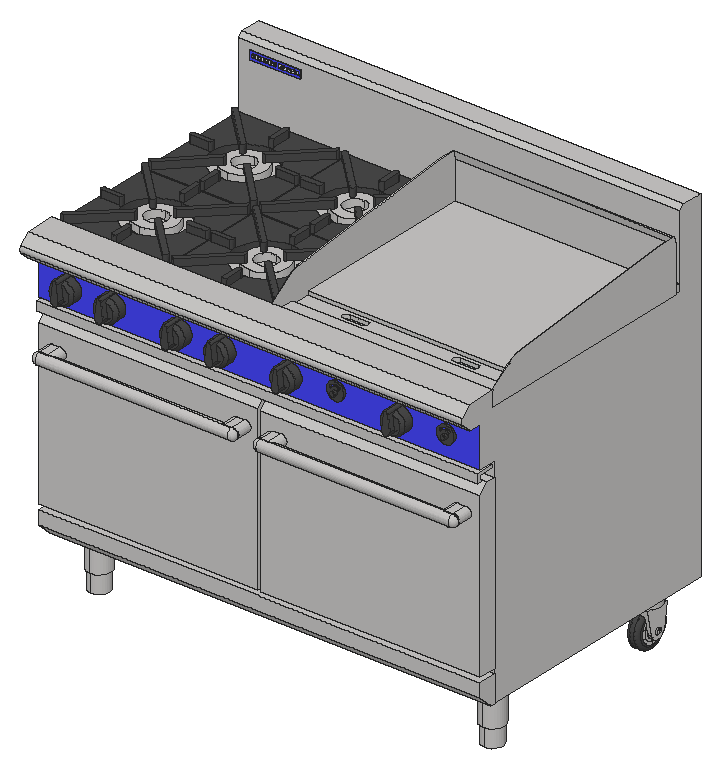
Revit family "QF_MOFFAT_BLUESEAL_AU_G528B", category Specialty Equipment, Revit 2012
Parameters
  Width = 1200 mm
  Weight in Pounds = 664  # constant formula
  URL Cutsheet = "www.moffat.com"
  URL = "www.moffat.com"
  Type Mark [instance] = ""
  Status [instance] = ""
  Specification by User [instance] = ""
  Specification by Manufacturer = ""
  Show Logo [instance] = yes
  Show Clearance [instance] = yes
  Show Casters [instance] = yes
  Serial Number = ""
  Seismic Rating = ""
  SMACNA No = ""
  Revision Code [instance] = ""
  Omniclass Number and Title = ""
  NAFEM Spec ID Number = ""
  Model = "G528B"
  Mechanical Remarks = ""
  Mechanical Connection Type [instance] = ""
  Masterspec = ""
  Manufacturer = "MOFFAT BLUESEAL"
  Legs [instance] = not(Show Casters)  # no
  Item Number [instance] = ""
  Installed By [instance] = ""
  Identify Quantity as Lot [instance] = yes
  Height = 970 mm
  Gas Size = 3/4"
  Gas RI Height [instance] = 0 mm
  Gas KW [instance] = 55.5
  Gas Input [instance] = 189563.0 Btu/h
  Gas Connection Height = 0 mm
  Furnished By [instance] = ""
  Foodservice Equipment Identifier [instance] = yes
  Description = "1200MM GAS RANGE WITH DOUBLE STATIC OVENS"
  Depth = 812 mm
  CSI MasterFormat = ""
  CSI Master Format = ""
  Body Finish = QF_Finishes_Stainless Steel
Reference planes
  plane 1 "BACK": y = 0
  plane 2: z = 0
  plane 3 "LEFT": x = 0
  plane 4 "RIGHT": x = 1200
  plane 5 "FRONT": y = -812
  plane 6 "TOP": z = 970
  plane 7 "Center Y": x = 600
  plane 8 "Center X": y = -406
  plane 9: y = -805
  plane 10: y = -32
  plane 11: z = 655
  plane 12: z = 1085
  plane 13: y = -100
  plane 14: y = -625
  plane 15: x = 1134.5
  plane 16: x = 65.5
Forms (mm)
  Extrusion 1, solid, material "QF_Finishes_Stainless Steel" <- "Body Finish"
    sketch origin (0, 0, 0) x (0, 1, 0) y (0, 0, 1)
      loop
        line (0, 150) -> (0, 1085) -> (-57.5, 1085) -> (-70, 1072.5) -> (-70, 875) -> (-705, 875) -> (-705, 915) -> (-783.97, 915) -> (-808.485, 890.485)
        arc (-808.485, 890.485) -> (-811.999, 882) -> (-808.485, 873.515) r 12
        line (-808.485, 873.515) -> (-784.97, 850) -> (-749, 850) -> (-749, 740) -> (-699, 740) -> (-699, 150) -> (0, 150)
      loop
        line (-756, 710) -> (-747.224, 710) -> (-749.613, 726.999) -> (-707.93, 726.999) -> (-707.93, 734.003) -> (-756, 734.003) -> (-756, 710)
      loop
        line (-749, 186) -> (-713, 150) -> (-700, 150) -> (-700, 222.5) -> (-749, 222.5) -> (-749, 186)
    from 0 to 1200
  Extrusion 2, solid, material "QF_Finishes_Stainless Steel"
    sketch origin (0, 0, 0) x (0, 1, 0) y (0, 0, 1)
      loop
        line (-749, 676) -> (-749, 235) -> (-700, 235) -> (-700, 700) -> (-725, 700) -> (-749, 676)
    from 0 to 1200
  Revolve 3, solid, material "QF_Finishes_Stainless Steel" <- "Body Finish"
    sketch origin (1134.5, -696.126, 0) x (0, 1, 0) y (0, 0, -1)
      loop
        line (39.376, -150) -> (71.126, -150) -> (71.126, 0) -> (43.626, 0) -> (43.626, -50) -> (39.376, -50) -> (39.376, -150)
      axis (71.126, -150) -> (71.126, 0)
    angle from 0 to 360
  Revolve 4, solid, material "QF_Finishes_Stainless Steel" <- "Body Finish"
    sketch origin (65.5, -696.126, 0) x (0, 1, 0) y (0, 0, 1)
      loop
        line (39.376, 150) -> (39.376, 50) -> (43.626, 50) -> (43.626, 0) -> (71.126, 0) -> (71.126, 150) -> (39.376, 150)
      axis (71.126, 150) -> (71.126, 0)
    angle from 0 to 360
  Extrusion 5, solid, material "QF_Finishes_Stainless Steel"
    sketch origin (-64.5, 0, 325) x (1, 0, 0) y (0, 1, 0)
      loop
        circle (1134.5, -34) r 10
    from 330 to 374.856
  Revolve 6, solid, material "QF_Finishes_Black"
    sketch origin (90.337, 45.874, -0.078) x (0, 1, 0) y (0, 0, -1)
      loop
        line (-827.874, -829.5) -> (-804.874, -829.5) -> (-804.874, -802) -> (-794.874, -802) -> (-794.874, -797) -> (-838.874, -797) -> (-838.874, -823.651) -> (-827.874, -829.5)
      axis (-838.874, -797) -> (-794.874, -797)
    angle from 0 to 360
  Revolve 7, solid, material "QF_Finishes_Black"
    sketch origin (210.649, 45.874, -0.078) x (0, 1, 0) y (0, 0, -1)
      loop
        line (-827.874, -829.5) -> (-804.874, -829.5) -> (-804.874, -802) -> (-794.874, -802) -> (-794.874, -797) -> (-838.874, -797) -> (-838.874, -823.651) -> (-827.874, -829.5)
      axis (-838.874, -797) -> (-794.874, -797)
    angle from 0 to 360
  Extrusion 8, solid, material "QF_Finishes_Black"
    sketch origin (238.144, 0, -0.078) x (-1, 0, 0) y (0, 0, -1)
      loop
        line (137.724, -786.273) -> (143.145, -829.191)
        arc (143.145, -829.191) -> (148.144, -834.078) -> (153.142, -829.191) r 5
        line (153.142, -829.191) -> (158.631, -785.106)
        arc (158.631, -785.106) -> (147.559, -774.607) -> (137.724, -786.273) r 10.487
    from 759 to 808
  Extrusion 9, void
    sketch origin (0, -756, 676) x (0, 0, 1) y (1, 0, 0)
      loop
        line (24, 595.449) -> (24, 604.551) -> (-453.5, 604.551) -> (-453.5, 595.449) -> (24, 595.449)
    from 0 to 51
  Revolve 10, solid, material "QF_Finishes_Black"
    sketch origin (390.649, 45.874, -0.078) x (0, 1, 0) y (0, 0, -1)
      loop
        line (-827.874, -829.5) -> (-804.874, -829.5) -> (-804.874, -802) -> (-794.874, -802) -> (-794.874, -797) -> (-838.874, -797) -> (-838.874, -823.651) -> (-827.874, -829.5)
      axis (-838.874, -797) -> (-794.874, -797)
    angle from 0 to 360
  Revolve 11, solid, material "QF_Finishes_Black"
    sketch origin (510.625, 45.874, -0.078) x (0, 1, 0) y (0, 0, -1)
      loop
        line (-827.874, -829.5) -> (-804.874, -829.5) -> (-804.874, -802) -> (-794.874, -802) -> (-794.874, -797) -> (-838.874, -797) -> (-838.874, -823.651) -> (-827.874, -829.5)
      axis (-838.874, -797) -> (-794.874, -797)
    angle from 0 to 360
  Revolve 12, solid, material "QF_Finishes_Black"
    sketch origin (690.649, 45.874, -0.078) x (0, 1, 0) y (0, 0, -1)
      loop
        line (-827.874, -829.5) -> (-804.874, -829.5) -> (-804.874, -802) -> (-794.874, -802) -> (-794.874, -797) -> (-838.874, -797) -> (-838.874, -823.651) -> (-827.874, -829.5)
      axis (-838.874, -797) -> (-794.874, -797)
    angle from 0 to 360
  Revolve 13, solid, material "QF_Finishes_Black"
    sketch origin (990.649, 45.874, -0.078) x (0, 1, 0) y (0, 0, -1)
      loop
        line (-827.874, -829.5) -> (-804.874, -829.5) -> (-804.874, -802) -> (-794.874, -802) -> (-794.874, -797) -> (-838.874, -797) -> (-838.874, -823.651) -> (-827.874, -829.5)
      axis (-838.874, -797) -> (-794.874, -797)
    angle from 0 to 360
  Extrusion 14, solid, material "QF_Door-Drawer Clearances", visible <- "Show Clearance", detail levels coarse
    sketch origin (762.865, 0, 0) x (0, 1, 0) y (0, 0, 1)
      loop
        arc (-756, 697.347) -> (-1088.232, 559.732) -> (-1225.847, 227.5) r 469.847
        line (-1225.847, 227.5) -> (-756, 227.5) -> (-756, 697.347)
    from -167.415 to -762.865
  Extrusion 15, solid, material "QF_Door-Drawer Clearances", visible <- "Show Clearance", detail levels coarse
    sketch origin (437.135, 0, 0) x (0, 1, 0) y (0, 0, -1)
      loop
        line (-756, -697.347) -> (-756, -227.5) -> (-1225.847, -227.5)
        arc (-1225.847, -227.5) -> (-1088.232, -559.732) -> (-756, -697.347) r 469.847
    from -167.415 to -762.865
  Extrusion 16, void
    sketch origin (0, 0, 150) x (-1, 0, 0) y (0, -1, 0)
      loop
        line (-1133.988, 87.26) -> (-1133.988, -30.24) -> (-1004.488, -30.24) -> (-1004.488, 38.76) -> (-1052.988, 87.26) -> (-1133.988, 87.26)
    from 72.5 to 549.856
  Extrusion 17, solid, material "QF_Finishes_Stainless Steel"
    sketch origin (0, -749, 227.5) x (0, 0, 1) y (-1, 0, 0)
      loop
        line (380.625, -38.246) -> (380.625, -58.528)
        arc (380.625, -58.528) -> (395.625, -73.528) -> (410.625, -58.528) r 15
        line (410.625, -58.528) -> (410.625, -38.246)
        arc (410.625, -38.246) -> (395.625, -23.246) -> (380.625, -38.246) r 15
      loop
        arc (380.625, -560.539) -> (395.625, -575.539) -> (410.625, -560.539) r 15
        line (410.625, -560.539) -> (410.625, -540.257)
        arc (410.625, -540.257) -> (395.625, -525.257) -> (380.625, -540.257) r 15
        line (380.625, -540.257) -> (380.625, -560.539)
    from 0 to 44
  Revolve 18, solid, material "QF_Finishes_Stainless Steel"
    sketch origin (0, -793, 0) x (1, 0, 0) y (0, 0, 1)
      loop
        arc (575.852, 623.125) -> (571.458, 633.732) -> (560.852, 638.125) r 15
        line (560.852, 638.125) -> (38.246, 638.125)
        arc (38.246, 638.125) -> (27.64, 633.732) -> (23.246, 623.125) r 15
        line (23.246, 623.125) -> (575.852, 623.125)
      axis (575.852, 623.125) -> (23.246, 623.125)
    angle from 0 to 360
  Extrusion 19, solid, material "QF_Finishes_Stainless Steel"
    sketch origin (600, -749, 227.5) x (0, 0, 1) y (-1, 0, 0)
      loop
        line (380.625, -38.246) -> (380.625, -58.528)
        arc (380.625, -58.528) -> (395.625, -73.528) -> (410.625, -58.528) r 15
        line (410.625, -58.528) -> (410.625, -38.246)
        arc (410.625, -38.246) -> (395.625, -23.246) -> (380.625, -38.246) r 15
      loop
        arc (380.625, -560.539) -> (395.625, -575.539) -> (410.625, -560.539) r 15
        line (410.625, -560.539) -> (410.625, -540.257)
        arc (410.625, -540.257) -> (395.625, -525.257) -> (380.625, -540.257) r 15
        line (380.625, -540.257) -> (380.625, -560.539)
    from 0 to 44
  Revolve 20, solid, material "QF_Finishes_Stainless Steel"
    sketch origin (600, -793, 0) x (1, 0, 0) y (0, 0, 1)
      loop
        arc (575.852, 623.125) -> (571.458, 633.732) -> (560.852, 638.125) r 15
        line (560.852, 638.125) -> (38.246, 638.125)
        arc (38.246, 638.125) -> (27.64, 633.732) -> (23.246, 623.125) r 15
        line (23.246, 623.125) -> (575.852, 623.125)
      axis (575.852, 623.125) -> (23.246, 623.125)
    angle from 0 to 360
  Revolve 21, solid, material "QF_Finishes_Stainless Steel", visible <- "Legs"
    sketch origin (65.5, -166, 0) x (0, 1, 0) y (0, 0, 1)
      loop
        line (34.25, 150) -> (34.25, 50) -> (38.5, 50) -> (38.5, 0) -> (66, 0) -> (66, 150) -> (34.25, 150)
      axis (66, 150) -> (66, 0)
    angle from 0 to 360
  Revolve 22, solid, material "QF_Finishes_Stainless Steel", visible <- "Show Casters"
    sketch origin (16.276, -100.755, -12.8) x (1, 0, 0) y (0, 0, 1)
      loop
        line (14.841, 63.604) -> (83.584, 63.604) -> (83.584, 67.109) -> (82.314, 68.379) -> (80.79, 68.379) -> (80.79, 71.826) -> (68.644, 71.826) -> (68.644, 81.79) -> (65.088, 83.843) -> (63.738, 92.179) -> (65.881, 92.179) -> (65.881, 98.529) -> (65.088, 98.529) -> (65.088, 104.879)
        arc (65.088, 104.879) -> (62.298, 111.614) -> (55.563, 114.404) r 9.525
        line (55.563, 114.404) -> (42.863, 114.404)
        arc (42.863, 114.404) -> (36.127, 111.614) -> (33.338, 104.879) r 9.525
        line (33.338, 104.879) -> (33.338, 98.529) -> (32.544, 98.529) -> (32.544, 92.179) -> (34.687, 92.179) -> (33.352, 83.932) -> (29.782, 81.871) -> (29.782, 71.826) -> (17.635, 71.826) -> (17.635, 68.379) -> (16.111, 68.379) -> (14.841, 67.109) -> (14.841, 63.604)
      axis (14.841, 63.604) -> (83.584, 63.604)
    angle from 0 to 360
  Extrusion 23, solid, material "QF_Finishes_Stainless Steel", visible <- "Show Casters"
    sketch origin (72.001, 132.353, -8.783) x (0, 1, 0) y (0, 0, 1)
      loop
        line (-200.603, 118.783) -> (-264.103, 118.783) -> (-251.746, 53.895)
        arc (-251.746, 53.895) -> (-232.353, 38.783) -> (-212.959, 53.895) r 20
        line (-212.959, 53.895) -> (-200.603, 118.783)
    from -35.667 to 22.923
  Revolve 24, solid, material "QF_Finishes_Stainless Steel", visible <- "Show Casters"
    sketch origin (65.5, -204, 0) x (0, 1, 0) y (0, 0, 1)
      loop
        line (68.25, 150) -> (68.25, 110) -> (104, 110) -> (104, 150) -> (68.25, 150)
      axis (104, 150) -> (104, 110)
    angle from 0 to 360
  Revolve 25, solid, material "QF_Finishes_Stainless Steel", visible <- "Legs"
    sketch origin (65.5, -166, 0) x (0, 1, 0) y (0, 0, 1)
      loop
        line (34.25, 150) -> (34.25, 50) -> (38.5, 50) -> (38.5, 0) -> (66, 0) -> (66, 150) -> (34.25, 150)
      axis (66, 150) -> (66, 0)
    angle from 0 to 360
  Revolve 26, solid, material "QF_Finishes_Stainless Steel", visible <- "Legs"
    sketch origin (1134.5, -166, 0) x (0, 1, 0) y (0, 0, -1)
      loop
        line (34.25, -150) -> (66, -150) -> (66, 0) -> (38.5, 0) -> (38.5, -50) -> (34.25, -50) -> (34.25, -150)
      axis (66, -150) -> (66, 0)
    angle from 0 to 360
  Revolve 27, solid, material "QF_Finishes_Stainless Steel", visible <- "Show Casters"
    sketch origin (1183.724, -100.755, -12.8) x (-1, 0, 0) y (0, 0, -1)
      loop
        line (14.841, -63.604) -> (14.841, -67.109) -> (16.111, -68.379) -> (17.635, -68.379) -> (17.635, -71.826) -> (29.782, -71.826) -> (29.782, -81.871) -> (33.352, -83.932) -> (34.687, -92.179) -> (32.544, -92.179) -> (32.544, -98.529) -> (33.338, -98.529) -> (33.338, -104.879)
        arc (33.338, -104.879) -> (36.127, -111.614) -> (42.863, -114.404) r 9.525
        line (42.863, -114.404) -> (55.563, -114.404)
        arc (55.563, -114.404) -> (62.298, -111.614) -> (65.088, -104.879) r 9.525
        line (65.088, -104.879) -> (65.088, -98.529) -> (65.881, -98.529) -> (65.881, -92.179) -> (63.738, -92.179) -> (65.088, -83.843) -> (68.644, -81.79) -> (68.644, -71.826) -> (80.79, -71.826) -> (80.79, -68.379) -> (82.314, -68.379) -> (83.584, -67.109) -> (83.584, -63.604) -> (14.841, -63.604)
      axis (14.841, -63.604) -> (83.584, -63.604)
    angle from 0 to 360
  Extrusion 28, solid, material "QF_Finishes_Stainless Steel", visible <- "Show Casters"
    sketch origin (1127.999, 132.353, -8.783) x (0, 1, 0) y (0, 0, -1)
      loop
        line (-200.603, -118.783) -> (-212.959, -53.895)
        arc (-212.959, -53.895) -> (-232.353, -38.783) -> (-251.746, -53.895) r 20
        line (-251.746, -53.895) -> (-264.103, -118.783) -> (-200.603, -118.783)
    from -35.667 to 22.923
  Revolve 29, solid, material "QF_Finishes_Stainless Steel", visible <- "Show Casters"
    sketch origin (1134.5, -204, 0) x (0, 1, 0) y (0, 0, -1)
      loop
        line (68.25, -150) -> (104, -150) -> (104, -110) -> (68.25, -110) -> (68.25, -150)
      axis (104, -150) -> (104, -110)
    angle from 0 to 360
  Revolve 30, solid, material "QF_Finishes_Stainless Steel", visible <- "Legs"
    sketch origin (1134.5, -166, 0) x (0, 1, 0) y (0, 0, -1)
      loop
        line (34.25, -150) -> (66, -150) -> (66, 0) -> (38.5, 0) -> (38.5, -50) -> (34.25, -50) -> (34.25, -150)
      axis (66, -150) -> (66, 0)
    angle from 0 to 360
  Extrusion 31, solid, material "QF_Finishes_Black"
    sketch origin (358.456, 0, -0.078) x (-1, 0, 0) y (0, 0, -1)
      loop
        line (137.724, -786.273) -> (143.145, -829.191)
        arc (143.145, -829.191) -> (148.144, -834.078) -> (153.142, -829.191) r 5
        line (153.142, -829.191) -> (158.631, -785.106)
        arc (158.631, -785.106) -> (147.559, -774.607) -> (137.724, -786.273) r 10.487
    from 759 to 808
  Extrusion 32, solid, material "QF_Finishes_Black"
    sketch origin (538.456, 0, -0.078) x (-1, 0, 0) y (0, 0, -1)
      loop
        line (137.724, -786.273) -> (143.145, -829.191)
        arc (143.145, -829.191) -> (148.144, -834.078) -> (153.142, -829.191) r 5
        line (153.142, -829.191) -> (158.631, -785.106)
        arc (158.631, -785.106) -> (147.559, -774.607) -> (137.724, -786.273) r 10.487
    from 759 to 808
  Extrusion 33, solid, material "QF_Finishes_Black"
    sketch origin (658.432, 0, -0.078) x (-1, 0, 0) y (0, 0, -1)
      loop
        line (137.724, -786.273) -> (143.145, -829.191)
        arc (143.145, -829.191) -> (148.144, -834.078) -> (153.142, -829.191) r 5
        line (153.142, -829.191) -> (158.631, -785.106)
        arc (158.631, -785.106) -> (147.559, -774.607) -> (137.724, -786.273) r 10.487
    from 759 to 808
  Extrusion 34, solid, material "QF_Finishes_Black"
    sketch origin (838.456, 0, -0.078) x (-1, 0, 0) y (0, 0, -1)
      loop
        line (137.724, -786.273) -> (143.145, -829.191)
        arc (143.145, -829.191) -> (148.144, -834.078) -> (153.142, -829.191) r 5
        line (153.142, -829.191) -> (158.631, -785.106)
        arc (158.631, -785.106) -> (147.559, -774.607) -> (137.724, -786.273) r 10.487
    from 759 to 808
  Extrusion 35, solid, material "QF_Finishes_Black"
    sketch origin (1138.456, 0, -0.078) x (-1, 0, 0) y (0, 0, -1)
      loop
        line (137.724, -786.273) -> (143.145, -829.191)
        arc (143.145, -829.191) -> (148.144, -834.078) -> (153.142, -829.191) r 5
        line (153.142, -829.191) -> (158.631, -785.106)
        arc (158.631, -785.106) -> (147.559, -774.607) -> (137.724, -786.273) r 10.487
    from 759 to 808
  Extrusion 36, solid, material "QF_Finishes_Black"
    sketch origin (0, -749, 850) x (0, 0, -1) y (1, 0, 0)
      loop
        circle (53, 810) r 23.9
      loop
        circle (53, 1110) r 23.9
      loop
        arc (45.641, 1118.419) -> (46.501, 1123.219) -> (41.701, 1124.079) r 3.448
        arc (41.701, 1124.079) -> (35.116, 1109.341) -> (42.919, 1095.209) r 18.095
        arc (42.919, 1095.209) -> (47.641, 1096.491) -> (46.326, 1101.204) r 3.448
        arc (46.326, 1101.204) -> (42.758, 1109.683) -> (45.641, 1118.419) r 13.109
      loop
        arc (45.641, 818.419) -> (46.501, 823.219) -> (41.701, 824.079) r 3.448
        arc (41.701, 824.079) -> (35.116, 809.341) -> (42.919, 795.209) r 18.095
        arc (42.919, 795.209) -> (47.641, 796.491) -> (46.326, 801.204) r 3.448
        arc (46.326, 801.204) -> (42.758, 809.683) -> (45.641, 818.419) r 13.109
    from 0 to 5
  Extrusion 37, solid, material "QF_Finishes_Black"
    sketch origin (0, -754, 850) x (0, 0, -1) y (1, 0, 0)
      loop
        circle (56.5, 810) r 5.75
      loop
        circle (56.5, 1110) r 5.75
    from 0 to 10
Cuts and joins
  Extrusion 9, Extrusion 16 cuts Extrusion 1
  Extrusion 9 cuts Extrusion 2
Lines and regions (mm)
  Split face 1
    outline origin (1200, 0, 1085) x (-1, 0, 0) y (0, -1, 0)
      loop
        arc (35.206, 45.385) -> (26.545, 40.385) -> (26.545, 30.385) r 10
        line (26.545, 30.385) -> (30.587, 23.385)
        arc (30.587, 23.385) -> (34.247, 19.725) -> (39.247, 18.385) r 10
        line (39.247, 18.385) -> (267.206, 18.385)
        arc (267.206, 18.385) -> (275.866, 23.385) -> (275.866, 33.385) r 10
        line (275.866, 33.385) -> (271.824, 40.385)
        arc (271.824, 40.385) -> (268.164, 44.045) -> (263.164, 45.385) r 10
        line (263.164, 45.385) -> (35.206, 45.385)
  Split face 2
    outline origin (1200, 0, 1085) x (-1, 0, 0) y (0, -1, 0)
      loop
        arc (335.206, 45.385) -> (326.545, 40.385) -> (326.545, 30.385) r 10
        line (326.545, 30.385) -> (330.587, 23.385)
        arc (330.587, 23.385) -> (334.247, 19.725) -> (339.247, 18.385) r 10
        line (339.247, 18.385) -> (567.206, 18.385)
        arc (567.206, 18.385) -> (575.866, 23.385) -> (575.866, 33.385) r 10
        line (575.866, 33.385) -> (571.824, 40.385)
        arc (571.824, 40.385) -> (568.164, 44.045) -> (563.164, 45.385) r 10
        line (563.164, 45.385) -> (335.206, 45.385)
  Split face 3
    outline origin (1200, 0, 1085) x (-1, 0, 0) y (0, -1, 0)
      loop
        arc (635.206, 45.385) -> (626.545, 40.385) -> (626.545, 30.385) r 10
        line (626.545, 30.385) -> (630.587, 23.385)
        arc (630.587, 23.385) -> (634.247, 19.725) -> (639.247, 18.385) r 10
        line (639.247, 18.385) -> (867.206, 18.385)
        arc (867.206, 18.385) -> (875.866, 23.385) -> (875.866, 33.385) r 10
        line (875.866, 33.385) -> (871.824, 40.385)
        arc (871.824, 40.385) -> (868.164, 44.045) -> (863.164, 45.385) r 10
        line (863.164, 45.385) -> (635.206, 45.385)
  Split face 4
    outline origin (1200, 0, 1085) x (-1, 0, 0) y (0, -1, 0)
      loop
        arc (935.206, 45.385) -> (926.545, 40.385) -> (926.545, 30.385) r 10
        line (926.545, 30.385) -> (930.587, 23.385)
        arc (930.587, 23.385) -> (934.247, 19.725) -> (939.247, 18.385) r 10
        line (939.247, 18.385) -> (1167.206, 18.385)
        arc (1167.206, 18.385) -> (1175.866, 23.385) -> (1175.866, 33.385) r 10
        line (1175.866, 33.385) -> (1171.824, 40.385)
        arc (1171.824, 40.385) -> (1168.164, 44.045) -> (1163.164, 45.385) r 10
        line (1163.164, 45.385) -> (935.206, 45.385)
  symbolic lines, style "QF_Door-Drawer Clearances", visible <- "Show Clearance"
    curve 1: line (0, -1225.847, 0) -> (595.449, -1225.847, 0)
    curve 2: line (595.449, -1225.847, 0) -> (595.449, -812, 0)
    curve 3: line (0, -1225.847, 0) -> (0, -812, 0)
    curve 4: line (1200, -1225.847, 0) -> (604.551, -1225.847, 0)
    curve 5: line (604.551, -1225.847, 0) -> (604.551, -812, 0)
    curve 6: line (1200, -1225.847, 0) -> (1200, -812, 0)
  symbolic lines, style "SpecialityEquipmentHiddenLines", visible <- "Show Casters"
    curve 7: line (78.456, -46.735, 0) -> (105.952, -62.61, 0)
    curve 8: line (27.656, -134.723, 0) -> (78.456, -46.735, 0)
    curve 9: line (55.152, -150.598, 0) -> (27.656, -134.723, 0)
    curve 10: line (105.952, -62.61, 0) -> (55.152, -150.598, 0)
    curve 11: line (1125.152, -150.598, 0) -> (1097.656, -134.723, 0)
    curve 12: line (1175.952, -62.61, 0) -> (1125.152, -150.598, 0)
    curve 13: line (1148.456, -46.735, 0) -> (1097.656, -134.723, 0)
    curve 14: line (1175.952, -62.61, 0) -> (1148.456, -46.735, 0)
  symbolic lines
    curve 15: line (32.794, -18.385, 0) -> (260.753, -18.385, 0)
    curve 16: arc (260.753, -18.385, 0) -> (265.753, -19.725, 0) -> (269.413, -23.385, 0) r 10
    curve 17: line (269.413, -23.385, 0) -> (273.455, -30.385, 0)
    curve 18: arc (273.455, -30.385, 0) -> (273.455, -40.385, 0) -> (264.794, -45.385, 0) r 10
    curve 19: line (264.794, -45.385, 0) -> (36.836, -45.385, 0)
    curve 20: arc (36.836, -45.385, 0) -> (31.836, -44.045, 0) -> (28.176, -40.385, 0) r 10
    curve 21: line (28.176, -40.385, 0) -> (24.134, -33.385, 0)
    curve 22: arc (24.134, -33.385, 0) -> (24.134, -23.385, 0) -> (32.794, -18.385, 0) r 10
    curve 23: line (332.794, -18.385, 0) -> (560.753, -18.385, 0)
    curve 24: arc (560.753, -18.385, 0) -> (565.753, -19.725, 0) -> (569.413, -23.385, 0) r 10
    curve 25: line (569.413, -23.385, 0) -> (573.455, -30.385, 0)
    curve 26: arc (573.455, -30.385, 0) -> (573.455, -40.385, 0) -> (564.794, -45.385, 0) r 10
    curve 27: line (564.794, -45.385, 0) -> (336.836, -45.385, 0)
    curve 28: arc (336.836, -45.385, 0) -> (331.836, -44.045, 0) -> (328.176, -40.385, 0) r 10
    curve 29: line (328.176, -40.385, 0) -> (324.134, -33.385, 0)
    curve 30: arc (324.134, -33.385, 0) -> (324.134, -23.385, 0) -> (332.794, -18.385, 0) r 10
    curve 31: line (860.753, -18.385, 0) -> (632.794, -18.385, 0)
    curve 32: arc (632.794, -18.385, 0) -> (624.134, -23.385, 0) -> (624.134, -33.385, 0) r 10
    curve 33: line (624.134, -33.385, 0) -> (628.176, -40.385, 0)
    curve 34: arc (628.176, -40.385, 0) -> (631.836, -44.045, 0) -> (636.836, -45.385, 0) r 10
    curve 35: line (636.836, -45.385, 0) -> (864.794, -45.385, 0)
    curve 36: arc (864.794, -45.385, 0) -> (873.455, -40.385, 0) -> (873.455, -30.385, 0) r 10
    curve 37: line (873.455, -30.385, 0) -> (869.413, -23.385, 0)
    curve 38: arc (869.413, -23.385, 0) -> (865.753, -19.725, 0) -> (860.753, -18.385, 0) r 10
    curve 39: line (1160.753, -18.385, 0) -> (932.794, -18.385, 0)
    curve 40: arc (932.794, -18.385, 0) -> (924.134, -23.385, 0) -> (924.134, -33.385, 0) r 10
    curve 41: line (924.134, -33.385, 0) -> (928.176, -40.385, 0)
    curve 42: arc (928.176, -40.385, 0) -> (931.836, -44.045, 0) -> (936.836, -45.385, 0) r 10
    curve 43: line (936.836, -45.385, 0) -> (1164.794, -45.385, 0)
    curve 44: arc (1164.794, -45.385, 0) -> (1173.455, -40.385, 0) -> (1173.455, -30.385, 0) r 10
    curve 45: line (1173.455, -30.385, 0) -> (1169.413, -23.385, 0)
    curve 46: arc (1169.413, -23.385, 0) -> (1165.753, -19.725, 0) -> (1160.753, -18.385, 0) r 10
    curve 47: line (0, -783.97, 0) -> (1200, -783.97, 0)
    curve 48: line (0, -812, 0) -> (1200, -812, 0)
    curve 49: line (1200, 0, 0) -> (0, 0, 0)
    curve 50: line (0, 0, 0) -> (0, -812, 0)
    curve 51: line (0, -57.5, 0) -> (1200, -57.5, 0)
    curve 52: line (0, -70, 0) -> (1200, -70, 0)
    curve 53: line (1200, -812, 0) -> (1200, 0, 0)
Dimensions and locks
  equal spacing: plane 3 "LEFT", plane 7 "Center Y", plane 4 "RIGHT"
  "Width": plane 3 "LEFT" to plane 4 "RIGHT"
  equal spacing: plane 5 "FRONT", plane 8 "Center X", plane 1 "BACK"
  "Depth": plane 5 "FRONT" to plane 1 "BACK"
  equal spacing: plane 4 "RIGHT", plane 7 "Center Y", plane 3 "LEFT"
  plane 4 "RIGHT" to plane 3 "LEFT" = 1200 mm
  "Height": plane 6 "TOP" to level
  plane 5 "FRONT" to plane 1 "BACK" = 812 mm
  plane 9 to plane 5 "FRONT" = 7 mm
  plane 6 "TOP" to plane 2 = 970 mm
  plane 12 to plane 2 = 1085 mm
  Extrusion 5 sketch curve to plane 4 "RIGHT" = 130 mm
  Extrusion 5 sketch curve to plane 1 "BACK" = 34 mm
  level to Extrusion 5 = 655 mm
  Revolve 22 sketch curve to Revolve 22 sketch curve = 50.8 mm
  Revolve 27 sketch curve to Revolve 27 sketch curve = 50.8 mm
  aligned and locked: level to plane 2
  aligned and locked: Extrusion 1 to plane 4 "RIGHT"
  aligned and locked: Extrusion 2 to plane 4 "RIGHT"
  aligned and locked: cut or joined group of Extrusion 2, Extrusion 9 to Extrusion 14
Automatic sketch dimensions
  Extrusion 1 sketch curve to plane 12 = 0 mm
  Extrusion 1 sketch curve to plane 1 "BACK" = 0 mm
  Extrusion 1 sketch curve to plane 10 = 25.5 mm
  plane 13 to Extrusion 1 sketch curve = 30 mm
  Extrusion 1 sketch curve to plane 14 = 74 mm
  Extrusion 1 sketch curve to Extrusion 1 sketch curve = 1 mm
  Extrusion 1 sketch curve to plane 14 = 80 mm
  Extrusion 1 sketch curve to Extrusion 1 sketch curve = 8.93 mm
  Extrusion 1 sketch curve to Extrusion 1 sketch curve = 13 mm
  Extrusion 1 sketch curve to Extrusion 1 sketch curve = 39.294 mm
  Extrusion 1 sketch curve to Extrusion 1 sketch curve = 36 mm  (x2)
  Extrusion 1 sketch curve to Extrusion 1 sketch curve = 44 mm
  Extrusion 1 sketch curve to Extrusion 1 sketch curve = 0.613 mm
  Extrusion 1 sketch curve to Extrusion 1 sketch curve = 8.776 mm
  plane 9 to Extrusion 1 sketch curve = 21.03 mm
  plane 9 to Extrusion 1 sketch curve = 20.03 mm
  plane 9 to Extrusion 1 sketch curve = 5.001 mm
  Extrusion 1 sketch curve to plane 9 = 3.485 mm  (x2)
  Extrusion 1 sketch curve to plane 12 = 12.5 mm
  Extrusion 1 sketch curve to plane 6 "TOP" = 55 mm
  Extrusion 1 sketch curve to Extrusion 1 sketch curve = 24.515 mm
  Extrusion 1 sketch curve to Extrusion 1 sketch curve = 8.485 mm
  Extrusion 1 sketch curve to Extrusion 1 sketch curve = 40 mm
  Extrusion 1 sketch curve to Extrusion 1 sketch curve = 25 mm
  plane 11 to Extrusion 1 sketch curve = 85 mm
  Extrusion 1 sketch curve to Extrusion 1 sketch curve = 5.997 mm
  Extrusion 1 sketch curve to Extrusion 1 sketch curve = 7.004 mm
  Extrusion 1 sketch curve to Extrusion 1 sketch curve = 16.999 mm
  level to Extrusion 1 sketch curve = 222.5 mm
  Extrusion 1 sketch curve to Extrusion 1 sketch curve = 36.5 mm
  Extrusion 1 sketch curve to Extrusion 1 sketch curve = 0 mm
  plane 11 to Extrusion 2 sketch curve = 21 mm
  plane 9 to Extrusion 2 sketch curve = 56 mm
  Extrusion 2 sketch curve to Extrusion 2 sketch curve = 24 mm  (x2)
  Extrusion 2 sketch curve to Extrusion 2 sketch curve = 25 mm
  level to Extrusion 2 sketch curve = 235 mm
  Revolve 3 sketch curve to level = 0 mm
  Revolve 3 sketch curve to plane 14 = 0 mm  (x2)
  Revolve 3 sketch curve to Revolve 3 sketch curve = 27.5 mm
  Revolve 3 sketch curve to Revolve 3 sketch curve = 31.75 mm
  level to Revolve 3 sketch curve = 50 mm
  Revolve 3 sketch curve to Revolve 3 sketch curve = 0 mm
  Revolve 3 sketch curve to Revolve 3 sketch curve = 100 mm
  Revolve 3 sketch curve to Revolve 3 sketch curve = 55 mm
  Revolve 4 sketch curve to level = 0 mm
  Revolve 4 sketch curve to plane 14 = 0 mm  (x2)
  Revolve 4 sketch curve to Revolve 4 sketch curve = 27.5 mm
  Revolve 4 sketch curve to Revolve 4 sketch curve = 31.75 mm
  Revolve 4 sketch curve to level = 55 mm
  Revolve 4 sketch curve to Revolve 4 sketch curve = 50 mm
  Revolve 4 sketch curve to Revolve 4 sketch curve = 0 mm
  Revolve 4 sketch curve to Revolve 4 sketch curve = 100 mm
  plane 9 to Revolve 6 sketch curve = 12 mm
  Revolve 6 sketch curve to Revolve 6 sketch curve = 0 mm  (x2)
  Revolve 6 sketch curve to Revolve 6 sketch curve = 11 mm
  Revolve 6 sketch curve to Revolve 6 sketch curve = 12.7 mm
  Revolve 6 sketch curve to Revolve 6 sketch curve = 23 mm
  Revolve 6 sketch curve to Revolve 6 sketch curve = 10 mm
  Revolve 6 sketch curve to plane 6 "TOP" = 140.578 mm
  Revolve 6 sketch curve to Revolve 6 sketch curve = 5.849 mm
  Revolve 6 sketch curve to Revolve 6 sketch curve = 27.5 mm
  Revolve 6 sketch curve to Revolve 6 sketch curve = 5 mm
  plane 9 to Revolve 7 sketch curve = 12 mm
  Revolve 7 sketch curve to Revolve 7 sketch curve = 0 mm  (x2)
  Revolve 7 sketch curve to Revolve 7 sketch curve = 11 mm
  Revolve 7 sketch curve to Revolve 7 sketch curve = 12.7 mm
  Revolve 7 sketch curve to Revolve 7 sketch curve = 23 mm
  Revolve 7 sketch curve to Revolve 7 sketch curve = 10 mm
  Revolve 7 sketch curve to plane 6 "TOP" = 140.578 mm
  Revolve 7 sketch curve to Revolve 7 sketch curve = 5.849 mm
  Revolve 7 sketch curve to Revolve 7 sketch curve = 27.5 mm
  Revolve 7 sketch curve to Revolve 7 sketch curve = 5 mm
  plane 16 to Extrusion 8 sketch curve = 34.919 mm
  plane 16 to Extrusion 8 sketch curve = 29.499 mm
  Extrusion 8 sketch curve to Extrusion 8 sketch curve = 10.419 mm
  Extrusion 8 sketch curve to Extrusion 8 sketch curve = 4.999 mm  (x2)
  Extrusion 8 sketch curve to Extrusion 8 sketch curve = 10.487 mm
  Extrusion 8 sketch curve to plane 6 "TOP" = 140.887 mm
  Extrusion 8 sketch curve to Extrusion 8 sketch curve = 0.113 mm
  Extrusion 8 sketch curve to Extrusion 8 sketch curve = 42.919 mm
  Extrusion 8 sketch curve to Extrusion 8 sketch curve = 1.167 mm
  plane 7 "Center Y" to Extrusion 9 sketch curve = 4.551 mm
  level to Extrusion 9 sketch curve = 222.5 mm
  plane 11 to Extrusion 9 sketch curve = 45 mm
  Extrusion 9 sketch curve to plane 7 "Center Y" = 4.551 mm
  plane 9 to Revolve 10 sketch curve = 12 mm
  Revolve 10 sketch curve to Revolve 10 sketch curve = 0 mm  (x2)
  Revolve 10 sketch curve to Revolve 10 sketch curve = 11 mm
  Revolve 10 sketch curve to Revolve 10 sketch curve = 12.7 mm
  Revolve 10 sketch curve to Revolve 10 sketch curve = 23 mm
  Revolve 10 sketch curve to Revolve 10 sketch curve = 10 mm
  Revolve 10 sketch curve to plane 6 "TOP" = 140.578 mm
  Revolve 10 sketch curve to Revolve 10 sketch curve = 5.849 mm
  Revolve 10 sketch curve to Revolve 10 sketch curve = 27.5 mm
  Revolve 10 sketch curve to Revolve 10 sketch curve = 5 mm
  plane 9 to Revolve 11 sketch curve = 12 mm
  Revolve 11 sketch curve to Revolve 11 sketch curve = 0 mm  (x2)
  Revolve 11 sketch curve to Revolve 11 sketch curve = 11 mm
  Revolve 11 sketch curve to Revolve 11 sketch curve = 12.7 mm
  Revolve 11 sketch curve to Revolve 11 sketch curve = 23 mm
  Revolve 11 sketch curve to Revolve 11 sketch curve = 10 mm
  Revolve 11 sketch curve to plane 6 "TOP" = 140.578 mm
  Revolve 11 sketch curve to Revolve 11 sketch curve = 5.849 mm
  Revolve 11 sketch curve to Revolve 11 sketch curve = 27.5 mm
  Revolve 11 sketch curve to Revolve 11 sketch curve = 5 mm
  plane 9 to Revolve 12 sketch curve = 12 mm
  Revolve 12 sketch curve to Revolve 12 sketch curve = 0 mm  (x2)
  Revolve 12 sketch curve to Revolve 12 sketch curve = 11 mm
  Revolve 12 sketch curve to Revolve 12 sketch curve = 12.7 mm
  Revolve 12 sketch curve to Revolve 12 sketch curve = 23 mm
  Revolve 12 sketch curve to Revolve 12 sketch curve = 10 mm
  Revolve 12 sketch curve to plane 6 "TOP" = 140.578 mm
  Revolve 12 sketch curve to Revolve 12 sketch curve = 5.849 mm
  Revolve 12 sketch curve to Revolve 12 sketch curve = 27.5 mm
  Revolve 12 sketch curve to Revolve 12 sketch curve = 5 mm
  plane 9 to Revolve 13 sketch curve = 12 mm
  Revolve 13 sketch curve to Revolve 13 sketch curve = 0 mm  (x2)
  Revolve 13 sketch curve to Revolve 13 sketch curve = 11 mm
  Revolve 13 sketch curve to Revolve 13 sketch curve = 12.7 mm
  Revolve 13 sketch curve to Revolve 13 sketch curve = 23 mm
  Revolve 13 sketch curve to Revolve 13 sketch curve = 10 mm
  Revolve 13 sketch curve to plane 6 "TOP" = 140.578 mm
  Revolve 13 sketch curve to Revolve 13 sketch curve = 5.849 mm
  Revolve 13 sketch curve to Revolve 13 sketch curve = 27.5 mm
  Revolve 13 sketch curve to Revolve 13 sketch curve = 5 mm
  plane 5 "FRONT" to Extrusion 14 sketch curve = 413.847 mm
  plane 9 to Extrusion 14 sketch curve = 49 mm
  level to Extrusion 14 sketch curve = 227.5 mm
  plane 5 "FRONT" to Extrusion 15 sketch curve = 413.847 mm
  plane 9 to Extrusion 15 sketch curve = 49 mm
  plane 11 to Extrusion 15 sketch curve = 42.347 mm
  Extrusion 16 sketch curve to plane 15 = 0.512 mm
  plane 13 to Extrusion 16 sketch curve = 12.74 mm
  Extrusion 16 sketch curve to Extrusion 16 sketch curve = 81 mm
  Extrusion 16 sketch curve to plane 10 = 6.76 mm
  Extrusion 16 sketch curve to Extrusion 16 sketch curve = 48.5 mm
  Extrusion 16 sketch curve to plane 1 "BACK" = 30.24 mm
  Extrusion 17 sketch curve to plane 16 = 6.972 mm
  Extrusion 17 sketch curve to plane 11 = 46.875 mm  (x2)
  Extrusion 17 sketch curve to Extrusion 17 sketch curve = 15 mm  (x2)
  Extrusion 17 sketch curve to plane 7 "Center Y" = 59.743 mm
  Extrusion 17 sketch curve to Extrusion 17 sketch curve = 20.282 mm  (x2)
  Revolve 18 sketch curve to plane 3 "LEFT" = 6.961 mm
  plane 3 "LEFT" to Revolve 18 sketch curve = 23.246 mm
  Revolve 18 sketch curve to plane 11 = 16.875 mm
  Revolve 18 sketch curve to Revolve 18 sketch curve = 15 mm
  Revolve 18 sketch curve to plane 7 "Center Y" = 39.148 mm
  Revolve 18 sketch curve to plane 7 "Center Y" = 11.961 mm
  Revolve 18 sketch curve to Revolve 18 sketch curve = 0 mm
  Extrusion 19 sketch curve to plane 11 = 46.875 mm  (x2)
  plane 15 to Extrusion 19 sketch curve = 5.757 mm
  Extrusion 19 sketch curve to Extrusion 19 sketch curve = 15 mm  (x2)
  Extrusion 19 sketch curve to Extrusion 19 sketch curve = 20.282 mm  (x2)
  plane 7 "Center Y" to Extrusion 19 sketch curve = 58.528 mm
  Revolve 20 sketch curve to plane 7 "Center Y" = 6.961 mm
  plane 7 "Center Y" to Revolve 20 sketch curve = 23.246 mm
  Revolve 20 sketch curve to plane 11 = 16.875 mm
  Revolve 20 sketch curve to Revolve 20 sketch curve = 15 mm
  plane 15 to Revolve 20 sketch curve = 26.352 mm
  plane 4 "RIGHT" to Revolve 20 sketch curve = 11.961 mm
  Revolve 20 sketch curve to Revolve 20 sketch curve = 0 mm
  Split face 1 sketch curve to cut or joined group of Extrusion 1, Extrusion 9, Extrusion 16 = 26.545 mm
  Split face 1 sketch curve to Split face 1 sketch curve = 4.041 mm  (x4)
  Split face 1 sketch curve to Split face 1 sketch curve = 8.66 mm  (x2)
  Split face 1 sketch curve to cut or joined group of Extrusion 1, Extrusion 9, Extrusion 16 = 22.115 mm
  Split face 1 sketch curve to Split face 1 sketch curve = 223.917 mm
  Split face 1 sketch curve to cut or joined group of Extrusion 1, Extrusion 9, Extrusion 16 = 17.115 mm
  Split face 1 sketch curve to Split face 1 sketch curve = 10 mm
  Split face 1 sketch curve to Split face 1 sketch curve = 7 mm  (x3)
  Split face 2 sketch curve to cut or joined group of Extrusion 1, Extrusion 9, Extrusion 16 = 27.115 mm
  Split face 2 sketch curve to cut or joined group of Extrusion 1, Extrusion 9, Extrusion 16 = 326.545 mm
  Split face 2 sketch curve to cut or joined group of Extrusion 1, Extrusion 9, Extrusion 16 = 23.385 mm
  Split face 2 sketch curve to Split face 2 sketch curve = 4.041 mm  (x4)
  Split face 2 sketch curve to Split face 2 sketch curve = 8.66 mm  (x2)
  Split face 2 sketch curve to cut or joined group of Extrusion 1, Extrusion 9, Extrusion 16 = 22.115 mm
  Split face 2 sketch curve to Split face 2 sketch curve = 223.917 mm
  Split face 2 sketch curve to cut or joined group of Extrusion 1, Extrusion 9, Extrusion 16 = 17.115 mm
  Split face 2 sketch curve to Split face 2 sketch curve = 17 mm
  Split face 2 sketch curve to Split face 2 sketch curve = 7 mm
  Split face 3 sketch curve to cut or joined group of Extrusion 1, Extrusion 9, Extrusion 16 = 27.115 mm
  Split face 3 sketch curve to cut or joined group of Extrusion 1, Extrusion 9, Extrusion 16 = 573.455 mm
  Split face 3 sketch curve to cut or joined group of Extrusion 1, Extrusion 9, Extrusion 16 = 23.385 mm
  Split face 3 sketch curve to Split face 3 sketch curve = 4.041 mm  (x3)
  Split face 3 sketch curve to Split face 3 sketch curve = 8.66 mm  (x3)
  Split face 3 sketch curve to cut or joined group of Extrusion 1, Extrusion 9, Extrusion 16 = 12.115 mm
  Split face 3 sketch curve to Split face 3 sketch curve = 223.917 mm
  Split face 3 sketch curve to cut or joined group of Extrusion 1, Extrusion 9, Extrusion 16 = 17.115 mm
  Split face 3 sketch curve to cut or joined group of Extrusion 1, Extrusion 9, Extrusion 16 = 24.115 mm
  Split face 3 sketch curve to Split face 3 sketch curve = 5 mm
  Split face 4 sketch curve to cut or joined group of Extrusion 1, Extrusion 9, Extrusion 16 = 27.115 mm
  Split face 4 sketch curve to cut or joined group of Extrusion 1, Extrusion 9, Extrusion 16 = 273.455 mm
  Split face 4 sketch curve to cut or joined group of Extrusion 1, Extrusion 9, Extrusion 16 = 23.385 mm
  Split face 4 sketch curve to Split face 4 sketch curve = 4.041 mm  (x4)
  Split face 4 sketch curve to Split face 4 sketch curve = 8.66 mm  (x2)
  Split face 4 sketch curve to cut or joined group of Extrusion 1, Extrusion 9, Extrusion 16 = 22.115 mm
  Split face 4 sketch curve to cut or joined group of Extrusion 1, Extrusion 9, Extrusion 16 = 36.836 mm
  Split face 4 sketch curve to Split face 4 sketch curve = 17 mm
  Split face 4 sketch curve to Split face 4 sketch curve = 7 mm  (x2)
  Revolve 21 sketch curve to level = 0 mm
  Revolve 21 sketch curve to plane 13 = 0 mm  (x2)
  Revolve 21 sketch curve to Revolve 21 sketch curve = 27.5 mm
  Revolve 21 sketch curve to Revolve 21 sketch curve = 31.75 mm
  Revolve 21 sketch curve to Revolve 21 sketch curve = 55 mm
  level to Revolve 21 sketch curve = 50 mm
  Revolve 21 sketch curve to Revolve 21 sketch curve = 0 mm
  Revolve 21 sketch curve to Revolve 21 sketch curve = 100 mm
  plane 3 "LEFT" to Revolve 22 sketch curve = 31.118 mm
  Revolve 22 sketch curve to Revolve 22 sketch curve = 1.27 mm  (x4)
  Revolve 22 sketch curve to Revolve 22 sketch curve = 1.524 mm  (x2)
  Revolve 22 sketch curve to Revolve 22 sketch curve = 12.146 mm  (x2)
  Revolve 22 sketch curve to plane 16 = 16.68 mm
  Revolve 22 sketch curve to Revolve 22 sketch curve = 0.794 mm  (x2)
  Revolve 22 sketch curve to Revolve 22 sketch curve = 3.57 mm
  Revolve 22 sketch curve to Revolve 22 sketch curve = 2.143 mm
  Revolve 22 sketch curve to plane 16 = 6.361 mm
  plane 16 to Revolve 22 sketch curve = 5.13 mm
  plane 16 to Revolve 22 sketch curve = 6.339 mm
  plane 16 to Revolve 22 sketch curve = 14.515 mm
  Revolve 22 sketch curve to Revolve 22 sketch curve = 1.349 mm  (x2)
  Revolve 22 sketch curve to Revolve 22 sketch curve = 3.556 mm
  Revolve 22 sketch curve to Revolve 22 sketch curve = 33.32 mm
  level to Revolve 22 sketch curve = 50.804 mm
  Revolve 22 sketch curve to Revolve 22 sketch curve = 0 mm
  Revolve 22 sketch curve to Revolve 22 sketch curve = 3.505 mm  (x2)
  Revolve 22 sketch curve to Revolve 22 sketch curve = 3.447 mm  (x2)
  Revolve 22 sketch curve to Revolve 22 sketch curve = 9.964 mm
  Revolve 22 sketch curve to Revolve 22 sketch curve = 10.045 mm
  Revolve 22 sketch curve to Revolve 22 sketch curve = 2.053 mm
  Revolve 22 sketch curve to Revolve 22 sketch curve = 2.061 mm
  Revolve 22 sketch curve to Revolve 22 sketch curve = 8.247 mm
  Revolve 22 sketch curve to Revolve 22 sketch curve = 8.336 mm
  Revolve 22 sketch curve to Revolve 22 sketch curve = 6.35 mm  (x2)
  Extrusion 23 sketch curve to plane 13 = 0 mm
  Extrusion 23 sketch curve to plane 13 = 19.393 mm
  Extrusion 23 sketch curve to plane 13 = 31.75 mm
  plane 13 to Extrusion 23 sketch curve = 19.393 mm
  plane 13 to Extrusion 23 sketch curve = 31.75 mm
  level to Extrusion 23 sketch curve = 45.111 mm
  Extrusion 23 sketch curve to Extrusion 23 sketch curve = 4.889 mm
  Extrusion 23 sketch curve to Extrusion 23 sketch curve = 64.889 mm
  Revolve 24 sketch curve to plane 13 = 0 mm  (x2)
  Revolve 24 sketch curve to Revolve 24 sketch curve = 35.75 mm
  Revolve 24 sketch curve to level = 55 mm
  level to Revolve 24 sketch curve = 50 mm
  Revolve 24 sketch curve to Revolve 24 sketch curve = 60 mm
  Revolve 24 sketch curve to Revolve 24 sketch curve = 40 mm
  Revolve 25 sketch curve to level = 0 mm
  Revolve 25 sketch curve to plane 13 = 0 mm  (x2)
  Revolve 25 sketch curve to Revolve 25 sketch curve = 27.5 mm
  Revolve 25 sketch curve to Revolve 25 sketch curve = 31.75 mm
  Revolve 25 sketch curve to Revolve 25 sketch curve = 55 mm
  level to Revolve 25 sketch curve = 50 mm
  Revolve 25 sketch curve to Revolve 25 sketch curve = 0 mm
  Revolve 25 sketch curve to Revolve 25 sketch curve = 100 mm
  Revolve 26 sketch curve to level = 0 mm
  Revolve 26 sketch curve to plane 13 = 0 mm  (x2)
  Revolve 26 sketch curve to Revolve 26 sketch curve = 27.5 mm
  Revolve 26 sketch curve to Revolve 26 sketch curve = 31.75 mm
  level to Revolve 26 sketch curve = 50 mm
  Revolve 26 sketch curve to Revolve 26 sketch curve = 0 mm
  Revolve 26 sketch curve to Revolve 26 sketch curve = 100 mm
  Revolve 26 sketch curve to Revolve 26 sketch curve = 55 mm
  plane 4 "RIGHT" to Revolve 27 sketch curve = 31.118 mm
  Revolve 27 sketch curve to Revolve 27 sketch curve = 1.27 mm  (x4)
  Revolve 27 sketch curve to Revolve 27 sketch curve = 1.524 mm  (x2)
  Revolve 27 sketch curve to Revolve 27 sketch curve = 12.146 mm  (x2)
  plane 15 to Revolve 27 sketch curve = 16.68 mm
  Revolve 27 sketch curve to Revolve 27 sketch curve = 0.794 mm  (x2)
  Revolve 27 sketch curve to Revolve 27 sketch curve = 3.57 mm
  Revolve 27 sketch curve to Revolve 27 sketch curve = 2.143 mm
  plane 15 to Revolve 27 sketch curve = 6.361 mm
  Revolve 27 sketch curve to plane 15 = 5.13 mm
  Revolve 27 sketch curve to plane 15 = 6.339 mm
  Revolve 27 sketch curve to plane 15 = 14.515 mm
  Revolve 27 sketch curve to Revolve 27 sketch curve = 1.349 mm  (x2)
  Revolve 27 sketch curve to Revolve 27 sketch curve = 3.556 mm
  Revolve 27 sketch curve to Revolve 27 sketch curve = 33.32 mm
  level to Revolve 27 sketch curve = 101.604 mm
  Revolve 27 sketch curve to Revolve 27 sketch curve = 6.35 mm  (x4)
  Revolve 27 sketch curve to Revolve 27 sketch curve = 8.247 mm
  Revolve 27 sketch curve to Revolve 27 sketch curve = 8.336 mm
  Revolve 27 sketch curve to Revolve 27 sketch curve = 2.061 mm
  Revolve 27 sketch curve to Revolve 27 sketch curve = 2.053 mm
  Revolve 27 sketch curve to Revolve 27 sketch curve = 10.045 mm
  Revolve 27 sketch curve to Revolve 27 sketch curve = 9.964 mm
  Revolve 27 sketch curve to Revolve 27 sketch curve = 3.447 mm  (x2)
  Revolve 27 sketch curve to Revolve 27 sketch curve = 3.505 mm
  Extrusion 28 sketch curve to plane 13 = 0 mm
  Extrusion 28 sketch curve to plane 13 = 19.393 mm
  Extrusion 28 sketch curve to plane 13 = 31.75 mm
  plane 13 to Extrusion 28 sketch curve = 19.393 mm
  plane 13 to Extrusion 28 sketch curve = 31.75 mm
  level to Extrusion 28 sketch curve = 110 mm
  level to Extrusion 28 sketch curve = 50 mm
  Extrusion 28 sketch curve to Extrusion 28 sketch curve = 4.889 mm
  Revolve 29 sketch curve to plane 13 = 0 mm  (x2)
  Revolve 29 sketch curve to Revolve 29 sketch curve = 35.75 mm
  level to Revolve 29 sketch curve = 150 mm
  Revolve 29 sketch curve to Revolve 29 sketch curve = 40 mm
  level to Revolve 29 sketch curve = 50 mm
  Revolve 29 sketch curve to level = 55 mm
  Revolve 30 sketch curve to level = 0 mm
  Revolve 30 sketch curve to plane 13 = 0 mm  (x2)
  Revolve 30 sketch curve to Revolve 30 sketch curve = 27.5 mm
  Revolve 30 sketch curve to Revolve 30 sketch curve = 31.75 mm
  level to Revolve 30 sketch curve = 50 mm
  Revolve 30 sketch curve to Revolve 30 sketch curve = 0 mm
  Revolve 30 sketch curve to Revolve 30 sketch curve = 100 mm
  Revolve 30 sketch curve to Revolve 30 sketch curve = 55 mm
  plane 16 to Extrusion 31 sketch curve = 155.232 mm
  Extrusion 31 sketch curve to Extrusion 31 sketch curve = 5.421 mm
  Extrusion 31 sketch curve to Extrusion 31 sketch curve = 10.419 mm
  Extrusion 31 sketch curve to Extrusion 31 sketch curve = 4.999 mm  (x2)
  Extrusion 31 sketch curve to Extrusion 31 sketch curve = 10.487 mm
  Extrusion 31 sketch curve to plane 6 "TOP" = 140.887 mm
  Extrusion 31 sketch curve to Extrusion 31 sketch curve = 0.113 mm
  Extrusion 31 sketch curve to Extrusion 31 sketch curve = 42.919 mm
  Extrusion 31 sketch curve to Extrusion 31 sketch curve = 1.167 mm
  Extrusion 32 sketch curve to plane 7 "Center Y" = 199.268 mm
  Extrusion 32 sketch curve to Extrusion 32 sketch curve = 5.421 mm
  Extrusion 32 sketch curve to Extrusion 32 sketch curve = 10.419 mm
  Extrusion 32 sketch curve to Extrusion 32 sketch curve = 4.999 mm  (x2)
  Extrusion 32 sketch curve to plane 6 "TOP" = 140.887 mm
  Extrusion 32 sketch curve to Extrusion 32 sketch curve = 10.487 mm
  Extrusion 32 sketch curve to Extrusion 32 sketch curve = 0.113 mm
  Extrusion 32 sketch curve to Extrusion 32 sketch curve = 42.919 mm
  Extrusion 32 sketch curve to Extrusion 32 sketch curve = 1.167 mm
  Extrusion 33 sketch curve to plane 7 "Center Y" = 79.293 mm
  Extrusion 33 sketch curve to Extrusion 33 sketch curve = 5.421 mm
  Extrusion 33 sketch curve to Extrusion 33 sketch curve = 10.419 mm
  Extrusion 33 sketch curve to Extrusion 33 sketch curve = 4.999 mm  (x2)
  Extrusion 33 sketch curve to Extrusion 33 sketch curve = 10.487 mm
  Extrusion 33 sketch curve to plane 6 "TOP" = 140.887 mm
  Extrusion 33 sketch curve to Extrusion 33 sketch curve = 0.113 mm
  Extrusion 33 sketch curve to Extrusion 33 sketch curve = 42.919 mm
  Extrusion 33 sketch curve to Extrusion 33 sketch curve = 1.167 mm
  plane 7 "Center Y" to Extrusion 34 sketch curve = 100.732 mm
  Extrusion 34 sketch curve to Extrusion 34 sketch curve = 5.421 mm
  Extrusion 34 sketch curve to Extrusion 34 sketch curve = 10.419 mm
  Extrusion 34 sketch curve to Extrusion 34 sketch curve = 4.999 mm  (x2)
  Extrusion 34 sketch curve to Extrusion 34 sketch curve = 10.487 mm
  Extrusion 34 sketch curve to plane 6 "TOP" = 140.887 mm
  Extrusion 34 sketch curve to Extrusion 34 sketch curve = 0.113 mm
  Extrusion 34 sketch curve to Extrusion 34 sketch curve = 42.919 mm
  Extrusion 34 sketch curve to Extrusion 34 sketch curve = 1.167 mm
  Extrusion 35 sketch curve to plane 15 = 133.768 mm
  Extrusion 35 sketch curve to Extrusion 35 sketch curve = 5.421 mm
  Extrusion 35 sketch curve to Extrusion 35 sketch curve = 10.419 mm
  Extrusion 35 sketch curve to Extrusion 35 sketch curve = 4.999 mm  (x2)
  Extrusion 35 sketch curve to plane 6 "TOP" = 140.887 mm
  Extrusion 35 sketch curve to Extrusion 35 sketch curve = 10.487 mm
  Extrusion 35 sketch curve to Extrusion 35 sketch curve = 0.113 mm
  Extrusion 35 sketch curve to Extrusion 35 sketch curve = 42.919 mm
  Extrusion 35 sketch curve to Extrusion 35 sketch curve = 1.167 mm
  plane 1 "BACK" to curve 50 = 0 mm
  curve 47 to plane 3 "LEFT" = 0 mm
  curve 47 to plane 4 "RIGHT" = 0 mm
  plane 5 "FRONT" to curve 50 = 0 mm
  curve 21 to plane 10 = 1.385 mm
  plane 3 "LEFT" to curve 21 = 24.134 mm
  plane 3 "LEFT" to curve 9 = 27.656 mm
  curve 22 to curve 20 = 4.041 mm
  plane 10 to curve 22 = 13.615 mm
  curve 22 to curve 22 = 8.66 mm
  curve 20 to curve 19 = 8.66 mm
  curve 10 to plane 16 = 10.348 mm
  plane 16 to curve 8 = 12.956 mm
  curve 7 to curve 16 = 154.801 mm
  curve 18 to plane 10 = 3.385 mm
  curve 16 to curve 18 = 4.041 mm  (x2)
  plane 10 to curve 16 = 8.615 mm
  curve 16 to curve 16 = 8.66 mm
  plane 10 to curve 18 = 1.615 mm
  curve 30 to plane 10 = 1.385 mm
  curve 17 to curve 30 = 50.679 mm
  curve 30 to curve 28 = 4.041 mm
  plane 10 to curve 30 = 3.615 mm
  curve 30 to curve 30 = 8.66 mm
  curve 28 to curve 27 = 8.66 mm
  plane 10 to curve 24 = 3.615 mm
  curve 24 to plane 7 "Center Y" = 39.247 mm
  curve 24 to curve 26 = 4.041 mm
  plane 10 to curve 25 = 8.615 mm
  plane 10 to curve 26 = 1.615 mm
  curve 25 to curve 26 = 4.041 mm
  curve 2 to plane 7 "Center Y" = 4.551 mm
  plane 7 "Center Y" to curve 4 = 4.551 mm
  curve 33 to plane 10 = 1.385 mm
  plane 7 "Center Y" to curve 33 = 24.134 mm
  curve 33 to plane 10 = 8.385 mm
  curve 33 to curve 33 = 4.041 mm
  plane 10 to curve 32 = 3.615 mm
  curve 32 to curve 32 = 8.66 mm
  curve 34 to plane 10 = 3.385 mm
  curve 32 to curve 34 = 4.041 mm
  plane 10 to curve 38 = 3.615 mm
  curve 34 to curve 38 = 223.917 mm
  curve 38 to curve 35 = 4.041 mm
  plane 10 to curve 37 = 8.615 mm
  plane 10 to curve 36 = 1.615 mm
  curve 38 to curve 36 = 4.041 mm
  curve 41 to plane 10 = 1.385 mm
  curve 37 to curve 41 = 50.679 mm
  curve 40 to curve 42 = 4.041 mm
  curve 40 to curve 40 = 8.66 mm
  curve 42 to curve 43 = 8.66 mm
  curve 11 to plane 15 = 36.844 mm
  curve 11 to plane 15 = 9.348 mm
  plane 15 to curve 13 = 13.956 mm
  plane 10 to curve 39 = 13.615 mm
  plane 15 to curve 39 = 26.253 mm
  curve 13 to curve 44 = 16.339 mm
  plane 10 to curve 45 = 8.615 mm
  curve 46 to curve 45 = 8.66 mm
  plane 10 to curve 45 = 1.615 mm
  curve 45 to curve 45 = 4.041 mm
  curve 4 to curve 5 = 413.847 mm
  curve 3 to curve 3 = 413.847 mm
  plane 9 to curve 47 = 21.03 mm
  curve 9 to plane 13 = 50.598 mm
  curve 11 to plane 13 = 50.598 mm
  curve 9 to curve 9 = 15.875 mm
  curve 11 to curve 11 = 15.875 mm
  curve 43 to plane 10 = 13.385 mm
  curve 27 to plane 10 = 13.385 mm
  curve 21 to curve 22 = 7 mm
  curve 42 to curve 40 = 7 mm
  curve 28 to curve 30 = 7 mm
  curve 51 to plane 10 = 25.5 mm
  curve 52 to curve 51 = 12.5 mm
  plane 11 to Extrusion 36 sketch curve = 153.299 mm  (x2)
  Extrusion 36 sketch curve to plane 15 = 10.421 mm
  Extrusion 36 sketch curve to Extrusion 36 sketch curve = 1.218 mm  (x2)
  Extrusion 36 sketch curve to Extrusion 36 sketch curve = 1.97 mm  (x4)
  Extrusion 36 sketch curve to Extrusion 36 sketch curve = 1.724 mm  (x2)
  Extrusion 36 sketch curve to Extrusion 36 sketch curve = 1.683 mm  (x2)
  Extrusion 36 sketch curve to Extrusion 36 sketch curve = 6.674 mm  (x2)
  Extrusion 36 sketch curve to Extrusion 36 sketch curve = 0.195 mm  (x2)
  Extrusion 36 sketch curve to Extrusion 36 sketch curve = 2.662 mm  (x2)
  Extrusion 36 sketch curve to Extrusion 36 sketch curve = 2.83 mm  (x2)
  Extrusion 36 sketch curve to Extrusion 36 sketch curve = 8.215 mm  (x2)
  Extrusion 36 sketch curve to Extrusion 36 sketch curve = 0.102 mm  (x2)
  Extrusion 36 sketch curve to Extrusion 36 sketch curve = 0.103 mm  (x2)
  plane 7 "Center Y" to Extrusion 36 sketch curve = 224.079 mm
  Extrusion 37 sketch curve to Extrusion 37 sketch curve = 0 mm
  Extrusion 37 sketch curve to Extrusion 37 sketch curve = 300 mm
  radius of Extrusion 5 sketch curve = 10 mm
  radius of Extrusion 36 sketch curve = 23.9 mm  (x2)
  radius of Extrusion 37 sketch curve = 5.75 mm  (x2)
Nested families
  nested 1: "WALDORF LOGO_FACE BASE" at (32, -70, 1055.859) x (1, 0, 0) z (0, -1, 0), visible <- "Show Logo", type "WALDORF LOGO_FACE BASE", detail levels medium+fine
    with Show Logo yes
  nested 2: "GAS BURNER 600 & GRIDDLE 600" at (0, -70, 875.195), type "GAS BURNER 600 & GRIDDLE 600"
    with Width 1200 mm, Type Mark "", Status "", Specification by User "", Revision Code "", Item Number "", Installed By "", Identify Quantity as Lot yes, Furnished By "", Foodservice Equipment Identifier yes, Depth 635 mm
Connectors
  piping at (1070, -34, 655)
    settings: on Extrusion 5, index 4, connector radius 3/8", flow factor 0, pipe flow 0 GPM, pressure drop 0.00 psi, fitting loss kfactor 0, connector angle 0.00°, fixture units 0, engagement length 0 mm, flow configuration 1, flow direction 1, fitting loss method 0, system type 7, joint type 0, gender type 0, connector reference index -1, connector utility 0, adjustable connector no, is connector primary yes, fitting loss table "", connector description "GAS CONNECTION"
Definition of nested family "WALDORF LOGO_FACE BASE"
  Parameters (values of type "WALDORF LOGO_FACE BASE")
    Show Logo [instance] = yes
    Default Elevation = 1219.2 mm
  Reference planes
    plane 1 "Center (Front/Back)": y = 0
    plane 2: z = 0
    plane 3 "Center (Left/Right)": x = 0
  Forms (mm)
    Extrusion 1, solid
      sketch origin (0, 0, 0) x (1, 0, 0) y (0, 1, 0)
        loop
          line (-1219.2, 1219.2) -> (-1219.2, -1219.2) -> (1219.2, -1219.2) -> (1219.2, 1219.2) -> (-1219.2, 1219.2)
      from 0 to -304.8
    Extrusion 2, solid, material "QF_Finishes_Blue", visible <- "Show Logo"
      sketch origin (0, -33.217, 0) x (1, 0, 0) y (0, 1, 0)
        loop
          arc (138, 31.942) -> (137.626, 32.844) -> (136.724, 33.217) r 1.276
          line (136.724, 33.217) -> (1.29, 33.217)
          arc (1.29, 33.217) -> (0.378, 32.839) -> (0, 31.927) r 1.29
          line (0, 31.927) -> (0, 11.507)
          arc (0, 11.507) -> (0.378, 10.595) -> (1.29, 10.217) r 1.29
          line (1.29, 10.217) -> (136.71, 10.217)
          arc (136.71, 10.217) -> (137.622, 10.595) -> (138, 11.507) r 1.29
          line (138, 11.507) -> (138, 31.942)
      from 0 to 1.588
    Extrusion 3, solid, material "QF_Finishes_White", visible <- "Show Logo"
      sketch origin (0, -33.217, 1.588) x (1, 0, 0) y (0, 1, 0)
        loop
          arc (108.946, 25.919) -> (107.613, 25.367) -> (107.061, 24.034) r 1.885
          line (107.061, 24.034) -> (107.061, 17.211) -> (112.704, 17.211) -> (112.704, 19.129) -> (115.546, 19.129) -> (115.546, 17.211) -> (121.584, 17.211) -> (121.584, 24.075)
          arc (121.584, 24.075) -> (121.043, 25.379) -> (119.739, 25.919) r 1.845
          line (119.739, 25.919) -> (108.946, 25.919)
        loop
          line (123.478, 25.919) -> (123.478, 17.163) -> (134.904, 17.163) -> (134.904, 19.129) -> (129.246, 19.129) -> (129.246, 25.919) -> (123.478, 25.919)
        loop
          line (112.704, 21.258) -> (115.546, 21.258) -> (115.546, 22.702)
          arc (115.546, 22.702) -> (115.344, 23.188) -> (114.858, 23.389) r 0.687
          line (114.858, 23.389) -> (113.363, 23.389)
          arc (113.363, 23.389) -> (112.897, 23.196) -> (112.704, 22.73) r 0.658
          line (112.704, 22.73) -> (112.704, 21.258)
        loop
          line (105.071, 25.919) -> (93.771, 25.919) -> (93.771, 17.163) -> (105.071, 17.163) -> (105.071, 19.063) -> (99.535, 19.063) -> (99.535, 20.437) -> (105.071, 20.437) -> (105.071, 22.278) -> (99.535, 22.278) -> (99.535, 23.587) -> (105.071, 23.587) -> (105.071, 25.919)
        loop
          line (91.104, 25.919) -> (79.541, 25.919)
          arc (79.541, 25.919) -> (78.558, 25.513) -> (78.152, 24.53) r 1.389
          line (78.152, 24.53) -> (78.152, 22.08)
          arc (78.152, 22.08) -> (78.558, 21.098) -> (79.541, 20.691) r 1.389
          line (79.541, 20.691) -> (86.346, 20.691) -> (86.346, 18.864) -> (83.266, 18.864) -> (83.266, 19.664) -> (78.152, 19.664) -> (78.152, 18.553)
          arc (78.152, 18.553) -> (78.558, 17.57) -> (79.541, 17.163) r 1.389
          line (79.541, 17.163) -> (91.063, 17.163)
